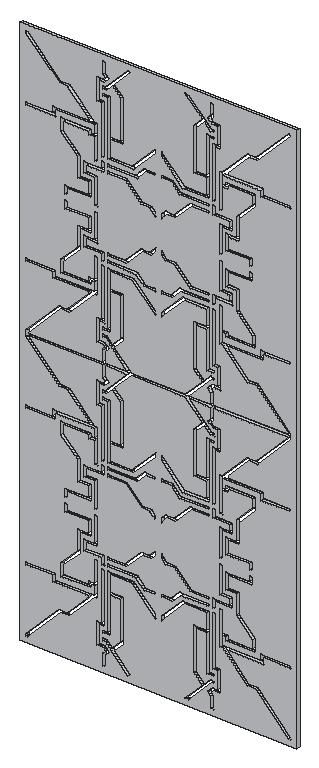
Revit family "DC Metro", category Generic Models, Revit 2016
Family settings
  Part Type = Normal
  Can host rebar = No
  Round Connector Dimension = Use Diameter
  Work Plane-Based = Yes
  Always vertical = No
  Cut with Voids When Loaded = No
  Shared = No
  Room Calculation Point = No
Parameters
  Default Elevation = 4' - 0"
Reference planes (in)
  plane 1 "Center (Front/Back)": y = 0
  plane 2: z = 0
  plane 3 "Center (Left/Right)": x = 0
Forms (in)
  Extrusion 1, solid
    sketch origin (248, 0, 0) x (1, 0, 0) y (0, 0, 1)
      loop
        line (-248, 96) -> (-248, 0) -> (-200, 0) -> (-200, 96) -> (-248, 96)
      loop
        line (-247, 94.99813) -> (-247, 94.65091) -> (-241.18629, 88.8372) -> (-239.6828, 88.8372) -> (-236.10145, 85.25585) -> (-236.10145, 84.97364) -> (-242.26939, 84.97364) -> (-242.26939, 83.97066) -> (-247, 83.97066) -> (-247, 83.47323) -> (-241.77196, 83.47323) -> (-241.77196, 84.47622) -> (-235.13432, 84.47622) -> (-235.13432, 83.10145) -> (-235.60087, 83.10145) -> (-235.60087, 83.65019) -> (-240.8896, 83.65019) -> (-240.8896, 81.54) -> (-238.05696, 78.70737) -> (-238.05696, 75.21608) -> (-236.17357, 75.21608) -> (-236.17357, 73.43061) -> (-240.29058, 73.43061) -> (-240.29058, 72.03545) -> (-239.78999, 72.03545) -> (-239.78999, 72.93002) -> (-235.67299, 72.93002) -> (-235.67299, 75.71666) -> (-237.55638, 75.71666) -> (-237.55638, 78.91471) -> (-240.38902, 81.74735) -> (-240.38902, 83.14961) -> (-236.10145, 83.14961) -> (-236.10145, 82.60211) -> (-235.13432, 82.60211) -> (-235.13432, 78.9373) -> (-234.57104, 78.9373) -> (-234.57104, 84.97364) -> (-235.11578, 84.97364) -> (-239.47676, 89.33463) -> (-240.98025, 89.33463) -> (-246.64355, 94.99792) -> (-247, 94.99813)
      loop
        line (-234.56591, 72.03545) -> (-234.56591, 76.85181) -> (-236.41308, 76.85181) -> (-236.41308, 77.72593) -> (-233.34112, 77.72593) -> (-233.34112, 79.31288) -> (-233.8417, 79.31288) -> (-233.8417, 78.27084) -> (-236.91367, 78.27084) -> (-236.91367, 76.35123) -> (-235.06649, 76.35123) -> (-235.06649, 72.03545) -> (-234.56591, 72.03545)
      loop
        line (-232.81105, 78.8123) -> (-227.67829, 78.8123) -> (-226.20733, 80.28326) -> (-224.49566, 80.28326) -> (-224.49566, 80.78384) -> (-226.41468, 80.78384) -> (-227.88564, 79.31288) -> (-232.81105, 79.31288) -> (-232.81105, 78.8123)
      loop
        line (-232.81105, 78.22651) -> (-232.81105, 77.72593) -> (-229.74947, 77.72593) -> (-226.98456, 74.96103) -> (-225.46854, 74.96103) -> (-224.49566, 73.98815) -> (-224.49566, 74.69608) -> (-225.26119, 75.46161) -> (-226.77721, 75.46161) -> (-229.54212, 78.22651) -> (-232.81105, 78.22651)
      loop
        line (-228.26476, 79.96458) -> (-224.49566, 83.73409) -> (-224.49566, 84.44161) -> (-228.47211, 80.46516) -> (-232.31047, 80.46516) -> (-232.31047, 83.10145) -> (-230.09214, 83.10145) -> (-230.09214, 90.47362) -> (-231.61057, 91.99205) -> (-228.59358, 95.00904) -> (-229.30193, 95.00862) -> (-233.24356, 91.06699) -> (-233.70789, 91.06699) -> (-233.70789, 90.5664) -> (-233.03622, 90.5664) -> (-231.96453, 91.63809) -> (-230.59272, 90.26628) -> (-230.59272, 83.60203) -> (-232.31047, 83.60203) -> (-232.31047, 89.95002) -> (-233.70789, 89.95002) -> (-233.70789, 89.44943) -> (-232.81105, 89.44943) -> (-232.81105, 79.96458) -> (-228.26476, 79.96458)
      loop
        line (-233.34112, 88.8465) -> (-234.27678, 88.8465) -> (-234.27678, 91.69994) -> (-233.31571, 91.69994) -> (-232.49386, 92.52179) -> (-233.11402, 93.14195) -> (-233.11402, 95.00607) -> (-233.6146, 95.00607) -> (-233.6146, 92.93461) -> (-233.20179, 92.52179) -> (-233.52306, 92.20053) -> (-234.77736, 92.20053) -> (-234.77736, 88.34592) -> (-233.8417, 88.34592) -> (-233.8417, 79.96458) -> (-233.34112, 79.96458) -> (-233.34112, 88.8465)
      loop
        line (-201, 94.99813) -> (-201.35645, 94.99792) -> (-207.01975, 89.33463) -> (-208.52324, 89.33463) -> (-212.88422, 84.97364) -> (-213.42896, 84.97364) -> (-213.42896, 78.9373) -> (-212.86568, 78.9373) -> (-212.86568, 82.60211) -> (-211.89855, 82.60211) -> (-211.89855, 83.14961) -> (-207.61098, 83.14961) -> (-207.61098, 81.74735) -> (-210.44362, 78.91471) -> (-210.44362, 75.71666) -> (-212.32701, 75.71666) -> (-212.32701, 72.93002) -> (-208.21001, 72.93002) -> (-208.21001, 72.03545) -> (-207.70942, 72.03545) -> (-207.70942, 73.43061) -> (-211.82643, 73.43061) -> (-211.82643, 75.21608) -> (-209.94304, 75.21608) -> (-209.94304, 78.70737) -> (-207.1104, 81.54) -> (-207.1104, 83.65019) -> (-212.39913, 83.65019) -> (-212.39913, 83.10145) -> (-212.86568, 83.10145) -> (-212.86568, 84.47622) -> (-206.22804, 84.47622) -> (-206.22804, 83.47323) -> (-201, 83.47323) -> (-201, 83.97066) -> (-205.73061, 83.97066) -> (-205.73061, 84.97364) -> (-211.89855, 84.97364) -> (-211.89855, 85.25585) -> (-208.3172, 88.8372) -> (-206.81371, 88.8372) -> (-201, 94.65091) -> (-201, 94.99813)
      loop
        line (-213.43409, 72.03545) -> (-212.93351, 72.03545) -> (-212.93351, 76.35123) -> (-211.08633, 76.35123) -> (-211.08633, 78.27084) -> (-214.1583, 78.27084) -> (-214.1583, 79.31288) -> (-214.65888, 79.31288) -> (-214.65888, 77.72593) -> (-211.58692, 77.72593) -> (-211.58692, 76.85181) -> (-213.43409, 76.85181) -> (-213.43409, 72.03545)
      loop
        line (-215.18895, 78.8123) -> (-215.18895, 79.31288) -> (-220.11436, 79.31288) -> (-221.58532, 80.78384) -> (-223.50434, 80.78384) -> (-223.50434, 80.28326) -> (-221.79267, 80.28326) -> (-220.32171, 78.8123) -> (-215.18895, 78.8123)
      loop
        line (-215.18895, 78.22651) -> (-218.45788, 78.22651) -> (-221.22279, 75.46161) -> (-222.73881, 75.46161) -> (-223.50434, 74.69608) -> (-223.50434, 73.98815) -> (-222.53146, 74.96103) -> (-221.01544, 74.96103) -> (-218.25053, 77.72593) -> (-215.18895, 77.72593) -> (-215.18895, 78.22651)
      loop
        line (-219.73524, 79.96458) -> (-215.18895, 79.96458) -> (-215.18895, 89.44943) -> (-214.29211, 89.44943) -> (-214.29211, 89.95002) -> (-215.68953, 89.95002) -> (-215.68953, 83.60203) -> (-217.40728, 83.60203) -> (-217.40728, 90.26628) -> (-216.03547, 91.63809) -> (-214.96378, 90.5664) -> (-214.29211, 90.5664) -> (-214.29211, 91.06699) -> (-214.75644, 91.06699) -> (-218.69807, 95.00862) -> (-219.40642, 95.00904) -> (-216.38943, 91.99205) -> (-217.90786, 90.47362) -> (-217.90786, 83.10145) -> (-215.68953, 83.10145) -> (-215.68953, 80.46516) -> (-219.52789, 80.46516) -> (-223.50434, 84.44161) -> (-223.50434, 83.73409) -> (-219.73524, 79.96458)
      loop
        line (-214.65888, 88.8465) -> (-214.65888, 79.96458) -> (-214.1583, 79.96458) -> (-214.1583, 88.34592) -> (-213.22264, 88.34592) -> (-213.22264, 92.20053) -> (-214.47694, 92.20053) -> (-214.79821, 92.52179) -> (-214.3854, 92.93461) -> (-214.3854, 95.00607) -> (-214.88598, 95.00607) -> (-214.88598, 93.14195) -> (-215.50614, 92.52179) -> (-214.68429, 91.69994) -> (-213.72322, 91.69994) -> (-213.72322, 88.8465) -> (-214.65888, 88.8465)
      loop
        line (-246.51862, 48.26817) -> (-240.98025, 53.80654) -> (-239.47676, 53.80654) -> (-235.11578, 58.16753) -> (-234.57104, 58.16753) -> (-234.57104, 64.20387) -> (-235.13432, 64.20387) -> (-235.13432, 60.53906) -> (-236.10145, 60.53906) -> (-236.10145, 59.99156) -> (-240.38902, 59.99156) -> (-240.38902, 61.39382) -> (-237.55638, 64.22646) -> (-237.55638, 67.42451) -> (-235.67299, 67.42451) -> (-235.67299, 70.21115) -> (-239.78999, 70.21115) -> (-239.78999, 71.10573) -> (-240.29058, 71.10573) -> (-240.29058, 69.71057) -> (-236.17357, 69.71057) -> (-236.17357, 67.9251) -> (-238.05696, 67.9251) -> (-238.05696, 64.43381) -> (-240.8896, 61.60117) -> (-240.8896, 59.49098) -> (-235.60087, 59.49098) -> (-235.60087, 60.03972) -> (-235.13432, 60.03972) -> (-235.13432, 58.66495) -> (-241.77196, 58.66495) -> (-241.77196, 59.66794) -> (-247, 59.66794) -> (-247, 59.17051) -> (-242.26939, 59.17051) -> (-242.26939, 58.16753) -> (-236.10145, 58.16753) -> (-236.10145, 57.88532) -> (-239.6828, 54.30397) -> (-241.18629, 54.30397) -> (-247, 48.49026) -> (-247, 47.50974) -> (-241.18629, 41.69603) -> (-239.6828, 41.69603) -> (-236.10145, 38.11468) -> (-236.10145, 37.83247) -> (-242.26939, 37.83247) -> (-242.26939, 36.82949) -> (-247, 36.82949) -> (-247, 36.33206) -> (-241.77196, 36.33206) -> (-241.77196, 37.33505) -> (-235.13432, 37.33505) -> (-235.13432, 35.96028) -> (-235.60087, 35.96028) -> (-235.60087, 36.50902) -> (-240.8896, 36.50902) -> (-240.8896, 34.39883) -> (-238.05696, 31.56619) -> (-238.05696, 28.0749) -> (-236.17357, 28.0749) -> (-236.17357, 26.28943) -> (-240.29058, 26.28943) -> (-240.29058, 24.89427) -> (-239.78999, 24.89427) -> (-239.78999, 25.78885) -> (-235.67299, 25.78885) -> (-235.67299, 28.57549) -> (-237.55638, 28.57549) -> (-237.55638, 31.77354) -> (-240.38902, 34.60618) -> (-240.38902, 36.00844) -> (-236.10145, 36.00844) -> (-236.10145, 35.46094) -> (-235.13432, 35.46094) -> (-235.13432, 31.79613) -> (-234.57104, 31.79613) -> (-234.57104, 37.83247) -> (-235.11578, 37.83247) -> (-239.47676, 42.19346) -> (-240.98025, 42.19346) -> (-246.51862, 47.73183) -> (-233.6146, 47.73183) -> (-233.6146, 45.79343) -> (-233.20179, 45.38062) -> (-233.52306, 45.05935) -> (-234.77736, 45.05935) -> (-234.77736, 41.20475) -> (-233.8417, 41.20475) -> (-233.8417, 32.82341) -> (-233.34112, 32.82341) -> (-233.34112, 41.70533) -> (-234.27678, 41.70533) -> (-234.27678, 44.55877) -> (-233.31571, 44.55877) -> (-232.49386, 45.38062) -> (-233.11402, 46.00078) -> (-233.11402, 47.73183) -> (-229.43755, 47.73183) -> (-233.24356, 43.92582) -> (-233.70789, 43.92582) -> (-233.70789, 43.42523) -> (-233.03622, 43.42523) -> (-231.96453, 44.49692) -> (-230.59272, 43.1251) -> (-230.59272, 36.46086) -> (-232.31047, 36.46086) -> (-232.31047, 42.80884) -> (-233.70789, 42.80884) -> (-233.70789, 42.30826) -> (-232.81105, 42.30826) -> (-232.81105, 32.82341) -> (-228.26476, 32.82341) -> (-224.49566, 36.59292) -> (-224.49566, 37.30044) -> (-228.47211, 33.32399) -> (-232.31047, 33.32399) -> (-232.31047, 35.96028) -> (-230.09214, 35.96028) -> (-230.09214, 43.33245) -> (-231.61057, 44.85088) -> (-228.72962, 47.73183) -> (-219.27038, 47.73183) -> (-216.38943, 44.85088) -> (-217.90786, 43.33245) -> (-217.90786, 35.96028) -> (-215.68953, 35.96028) -> (-215.68953, 33.32399) -> (-219.52789, 33.32399) -> (-223.50434, 37.30044) -> (-223.50434, 36.59292) -> (-219.73524, 32.82341) -> (-215.18895, 32.82341) -> (-215.18895, 42.30826) -> (-214.29211, 42.30826) -> (-214.29211, 42.80884) -> (-215.68953, 42.80884) -> (-215.68953, 36.46086) -> (-217.40728, 36.46086) -> (-217.40728, 43.1251) -> (-216.03547, 44.49692) -> (-214.96378, 43.42523) -> (-214.29211, 43.42523) -> (-214.29211, 43.92582) -> (-214.75644, 43.92582) -> (-218.56245, 47.73183) -> (-214.88598, 47.73183) -> (-214.88598, 46.00078) -> (-215.50614, 45.38062) -> (-214.68429, 44.55877) -> (-213.72322, 44.55877) -> (-213.72322, 41.70533) -> (-214.65888, 41.70533) -> (-214.65888, 32.82341) -> (-214.1583, 32.82341) -> (-214.1583, 41.20475) -> (-213.22264, 41.20475) -> (-213.22264, 45.05935) -> (-214.47694, 45.05935) -> (-214.79821, 45.38062) -> (-214.3854, 45.79343) -> (-214.3854, 47.73183) -> (-201.48138, 47.73183) -> (-207.01975, 42.19346) -> (-208.52324, 42.19346) -> (-212.88422, 37.83247) -> (-213.42896, 37.83247) -> (-213.42896, 31.79613) -> (-212.86568, 31.79613) -> (-212.86568, 35.46094) -> (-211.89855, 35.46094) -> (-211.89855, 36.00844) -> (-207.61098, 36.00844) -> (-207.61098, 34.60618) -> (-210.44362, 31.77354) -> (-210.44362, 28.57549) -> (-212.32701, 28.57549) -> (-212.32701, 25.78885) -> (-208.21001, 25.78885) -> (-208.21001, 24.89427) -> (-207.70942, 24.89427) -> (-207.70942, 26.28943) -> (-211.82643, 26.28943) -> (-211.82643, 28.0749) -> (-209.94304, 28.0749) -> (-209.94304, 31.56619) -> (-207.1104, 34.39883) -> (-207.1104, 36.50902) -> (-212.39913, 36.50902) -> (-212.39913, 35.96028) -> (-212.86568, 35.96028) -> (-212.86568, 37.33505) -> (-206.22804, 37.33505) -> (-206.22804, 36.33206) -> (-201, 36.33206) -> (-201, 36.82949) -> (-205.73061, 36.82949) -> (-205.73061, 37.83247) -> (-211.89855, 37.83247) -> (-211.89855, 38.11468) -> (-208.3172, 41.69603) -> (-206.81371, 41.69603) -> (-201, 47.50974) -> (-201, 48.49026) -> (-206.81371, 54.30397) -> (-208.3172, 54.30397) -> (-211.89855, 57.88532) -> (-211.89855, 58.16753) -> (-205.73061, 58.16753) -> (-205.73061, 59.17051) -> (-201, 59.17051) -> (-201, 59.66794) -> (-206.22804, 59.66794) -> (-206.22804, 58.66495) -> (-212.86568, 58.66495) -> (-212.86568, 60.03972) -> (-212.39913, 60.03972) -> (-212.39913, 59.49098) -> (-207.1104, 59.49098) -> (-207.1104, 61.60117) -> (-209.94304, 64.43381) -> (-209.94304, 67.9251) -> (-211.82643, 67.9251) -> (-211.82643, 69.71057) -> (-207.70942, 69.71057) -> (-207.70942, 71.10573) -> (-208.21001, 71.10573) -> (-208.21001, 70.21115) -> (-212.32701, 70.21115) -> (-212.32701, 67.42451) -> (-210.44362, 67.42451) -> (-210.44362, 64.22646) -> (-207.61098, 61.39382) -> (-207.61098, 59.99156) -> (-211.89855, 59.99156) -> (-211.89855, 60.53906) -> (-212.86568, 60.53906) -> (-212.86568, 64.20387) -> (-213.42896, 64.20387) -> (-213.42896, 58.16753) -> (-212.88422, 58.16753) -> (-208.52324, 53.80654) -> (-207.01975, 53.80654) -> (-201.48138, 48.26817) -> (-214.3854, 48.26817) -> (-214.3854, 50.20657) -> (-214.79821, 50.61938) -> (-214.47694, 50.94065) -> (-213.22264, 50.94065) -> (-213.22264, 54.79525) -> (-214.1583, 54.79525) -> (-214.1583, 63.17659) -> (-214.65888, 63.17659) -> (-214.65888, 54.29467) -> (-213.72322, 54.29467) -> (-213.72322, 51.44123) -> (-214.68429, 51.44123) -> (-215.50614, 50.61938) -> (-214.88598, 49.99922) -> (-214.88598, 48.26817) -> (-218.56245, 48.26817) -> (-214.75644, 52.07418) -> (-214.29211, 52.07418) -> (-214.29211, 52.57477) -> (-214.96378, 52.57477) -> (-216.03547, 51.50308) -> (-217.40728, 52.8749) -> (-217.40728, 59.53914) -> (-215.68953, 59.53914) -> (-215.68953, 53.19116) -> (-214.29211, 53.19116) -> (-214.29211, 53.69174) -> (-215.18895, 53.69174) -> (-215.18895, 63.17659) -> (-219.73524, 63.17659) -> (-223.50434, 59.40708) -> (-223.50434, 58.69956) -> (-219.52789, 62.67601) -> (-215.68953, 62.67601) -> (-215.68953, 60.03972) -> (-217.90786, 60.03972) -> (-217.90786, 52.66755) -> (-216.38943, 51.14912) -> (-219.27038, 48.26817) -> (-228.72962, 48.26817) -> (-231.61057, 51.14912) -> (-230.09214, 52.66755) -> (-230.09214, 60.03972) -> (-232.31047, 60.03972) -> (-232.31047, 62.67601) -> (-228.47211, 62.67601) -> (-224.49566, 58.69956) -> (-224.49566, 59.40708) -> (-228.26476, 63.17659) -> (-232.81105, 63.17659) -> (-232.81105, 53.69174) -> (-233.70789, 53.69174) -> (-233.70789, 53.19116) -> (-232.31047, 53.19116) -> (-232.31047, 59.53914) -> (-230.59272, 59.53914) -> (-230.59272, 52.8749) -> (-231.96453, 51.50308) -> (-233.03622, 52.57477) -> (-233.70789, 52.57477) -> (-233.70789, 52.07418) -> (-233.24356, 52.07418) -> (-229.43755, 48.26817) -> (-233.11402, 48.26817) -> (-233.11402, 49.99922) -> (-232.49386, 50.61938) -> (-233.31571, 51.44123) -> (-234.27678, 51.44123) -> (-234.27678, 54.29467) -> (-233.34112, 54.29467) -> (-233.34112, 63.17659) -> (-233.8417, 63.17659) -> (-233.8417, 54.79525) -> (-234.77736, 54.79525) -> (-234.77736, 50.94065) -> (-233.52306, 50.94065) -> (-233.20179, 50.61938) -> (-233.6146, 50.20657) -> (-233.6146, 48.26817) -> (-246.51862, 48.26817)
      loop
        line (-234.56591, 71.10573) -> (-235.06649, 71.10573) -> (-235.06649, 66.78994) -> (-236.91367, 66.78994) -> (-236.91367, 64.87033) -> (-233.8417, 64.87033) -> (-233.8417, 63.82829) -> (-233.34112, 63.82829) -> (-233.34112, 65.41524) -> (-236.41308, 65.41524) -> (-236.41308, 66.28936) -> (-234.56591, 66.28936) -> (-234.56591, 71.10573)
      loop
        line (-232.81105, 64.32887) -> (-232.81105, 63.82829) -> (-227.88564, 63.82829) -> (-226.41468, 62.35733) -> (-224.49566, 62.35733) -> (-224.49566, 62.85791) -> (-226.20733, 62.85791) -> (-227.67829, 64.32887) -> (-232.81105, 64.32887)
      loop
        line (-232.81105, 64.91466) -> (-229.54212, 64.91466) -> (-226.77721, 67.67956) -> (-225.26119, 67.67956) -> (-224.49566, 68.44509) -> (-224.49566, 69.15302) -> (-225.46854, 68.18014) -> (-226.98456, 68.18014) -> (-229.74947, 65.41524) -> (-232.81105, 65.41524) -> (-232.81105, 64.91466)
      loop
        line (-213.43409, 71.10573) -> (-213.43409, 66.28936) -> (-211.58692, 66.28936) -> (-211.58692, 65.41524) -> (-214.65888, 65.41524) -> (-214.65888, 63.82829) -> (-214.1583, 63.82829) -> (-214.1583, 64.87033) -> (-211.08633, 64.87033) -> (-211.08633, 66.78994) -> (-212.93351, 66.78994) -> (-212.93351, 71.10573) -> (-213.43409, 71.10573)
      loop
        line (-215.18895, 64.32887) -> (-220.32171, 64.32887) -> (-221.79267, 62.85791) -> (-223.50434, 62.85791) -> (-223.50434, 62.35733) -> (-221.58532, 62.35733) -> (-220.11436, 63.82829) -> (-215.18895, 63.82829) -> (-215.18895, 64.32887)
      loop
        line (-215.18895, 64.91466) -> (-215.18895, 65.41524) -> (-218.25053, 65.41524) -> (-221.01544, 68.18014) -> (-222.53146, 68.18014) -> (-223.50434, 69.15302) -> (-223.50434, 68.44509) -> (-222.73881, 67.67956) -> (-221.22279, 67.67956) -> (-218.45788, 64.91466) -> (-215.18895, 64.91466)
      loop
        line (-247, 1.00187) -> (-246.64355, 1.00208) -> (-240.98025, 6.66537) -> (-239.47676, 6.66537) -> (-235.11578, 11.02636) -> (-234.57104, 11.02636) -> (-234.57104, 17.0627) -> (-235.13432, 17.0627) -> (-235.13432, 13.39789) -> (-236.10145, 13.39789) -> (-236.10145, 12.85039) -> (-240.38902, 12.85039) -> (-240.38902, 14.25265) -> (-237.55638, 17.08529) -> (-237.55638, 20.28334) -> (-235.67299, 20.28334) -> (-235.67299, 23.06998) -> (-239.78999, 23.06998) -> (-239.78999, 23.96455) -> (-240.29058, 23.96455) -> (-240.29058, 22.56939) -> (-236.17357, 22.56939) -> (-236.17357, 20.78392) -> (-238.05696, 20.78392) -> (-238.05696, 17.29263) -> (-240.8896, 14.46) -> (-240.8896, 12.34981) -> (-235.60087, 12.34981) -> (-235.60087, 12.89855) -> (-235.13432, 12.89855) -> (-235.13432, 11.52378) -> (-241.77196, 11.52378) -> (-241.77196, 12.52677) -> (-247, 12.52677) -> (-247, 12.02934) -> (-242.26939, 12.02934) -> (-242.26939, 11.02636) -> (-236.10145, 11.02636) -> (-236.10145, 10.74415) -> (-239.6828, 7.1628) -> (-241.18629, 7.1628) -> (-247, 1.34909) -> (-247, 1.00187)
      loop
        line (-234.56591, 23.96455) -> (-235.06649, 23.96455) -> (-235.06649, 19.64877) -> (-236.91367, 19.64877) -> (-236.91367, 17.72916) -> (-233.8417, 17.72916) -> (-233.8417, 16.68712) -> (-233.34112, 16.68712) -> (-233.34112, 18.27407) -> (-236.41308, 18.27407) -> (-236.41308, 19.14819) -> (-234.56591, 19.14819) -> (-234.56591, 23.96455)
      loop
        line (-232.81105, 17.1877) -> (-232.81105, 16.68712) -> (-227.88564, 16.68712) -> (-226.41468, 15.21616) -> (-224.49566, 15.21616) -> (-224.49566, 15.71674) -> (-226.20733, 15.71674) -> (-227.67829, 17.1877) -> (-232.81105, 17.1877)
      loop
        line (-232.81105, 17.77349) -> (-229.54212, 17.77349) -> (-226.77721, 20.53839) -> (-225.26119, 20.53839) -> (-224.49566, 21.30392) -> (-224.49566, 22.01185) -> (-225.46854, 21.03897) -> (-226.98456, 21.03897) -> (-229.74947, 18.27407) -> (-232.81105, 18.27407) -> (-232.81105, 17.77349)
      loop
        line (-228.26476, 16.03542) -> (-232.81105, 16.03542) -> (-232.81105, 6.55057) -> (-233.70789, 6.55057) -> (-233.70789, 6.04998) -> (-232.31047, 6.04998) -> (-232.31047, 12.39797) -> (-230.59272, 12.39797) -> (-230.59272, 5.73372) -> (-231.96453, 4.36191) -> (-233.03622, 5.4336) -> (-233.70789, 5.4336) -> (-233.70789, 4.93301) -> (-233.24356, 4.93301) -> (-229.30193, 0.99138) -> (-228.59358, 0.99096) -> (-231.61057, 4.00795) -> (-230.09214, 5.52638) -> (-230.09214, 12.89855) -> (-232.31047, 12.89855) -> (-232.31047, 15.53484) -> (-228.47211, 15.53484) -> (-224.49566, 11.55839) -> (-224.49566, 12.26591) -> (-228.26476, 16.03542)
      loop
        line (-233.34112, 7.1535) -> (-233.34112, 16.03542) -> (-233.8417, 16.03542) -> (-233.8417, 7.65408) -> (-234.77736, 7.65408) -> (-234.77736, 3.79947) -> (-233.52306, 3.79947) -> (-233.20179, 3.47821) -> (-233.6146, 3.06539) -> (-233.6146, 0.99393) -> (-233.11402, 0.99393) -> (-233.11402, 2.85805) -> (-232.49386, 3.47821) -> (-233.31571, 4.30006) -> (-234.27678, 4.30006) -> (-234.27678, 7.1535) -> (-233.34112, 7.1535)
      loop
        line (-201, 1.00187) -> (-201, 1.34909) -> (-206.81371, 7.1628) -> (-208.3172, 7.1628) -> (-211.89855, 10.74415) -> (-211.89855, 11.02636) -> (-205.73061, 11.02636) -> (-205.73061, 12.02934) -> (-201, 12.02934) -> (-201, 12.52677) -> (-206.22804, 12.52677) -> (-206.22804, 11.52378) -> (-212.86568, 11.52378) -> (-212.86568, 12.89855) -> (-212.39913, 12.89855) -> (-212.39913, 12.34981) -> (-207.1104, 12.34981) -> (-207.1104, 14.46) -> (-209.94304, 17.29263) -> (-209.94304, 20.78392) -> (-211.82643, 20.78392) -> (-211.82643, 22.56939) -> (-207.70942, 22.56939) -> (-207.70942, 23.96455) -> (-208.21001, 23.96455) -> (-208.21001, 23.06998) -> (-212.32701, 23.06998) -> (-212.32701, 20.28334) -> (-210.44362, 20.28334) -> (-210.44362, 17.08529) -> (-207.61098, 14.25265) -> (-207.61098, 12.85039) -> (-211.89855, 12.85039) -> (-211.89855, 13.39789) -> (-212.86568, 13.39789) -> (-212.86568, 17.0627) -> (-213.42896, 17.0627) -> (-213.42896, 11.02636) -> (-212.88422, 11.02636) -> (-208.52324, 6.66537) -> (-207.01975, 6.66537) -> (-201.35645, 1.00208) -> (-201, 1.00187)
      loop
        line (-213.43409, 23.96455) -> (-213.43409, 19.14819) -> (-211.58692, 19.14819) -> (-211.58692, 18.27407) -> (-214.65888, 18.27407) -> (-214.65888, 16.68712) -> (-214.1583, 16.68712) -> (-214.1583, 17.72916) -> (-211.08633, 17.72916) -> (-211.08633, 19.64877) -> (-212.93351, 19.64877) -> (-212.93351, 23.96455) -> (-213.43409, 23.96455)
      loop
        line (-215.18895, 17.1877) -> (-220.32171, 17.1877) -> (-221.79267, 15.71674) -> (-223.50434, 15.71674) -> (-223.50434, 15.21616) -> (-221.58532, 15.21616) -> (-220.11436, 16.68712) -> (-215.18895, 16.68712) -> (-215.18895, 17.1877)
      loop
        line (-215.18895, 17.77349) -> (-215.18895, 18.27407) -> (-218.25053, 18.27407) -> (-221.01544, 21.03897) -> (-222.53146, 21.03897) -> (-223.50434, 22.01185) -> (-223.50434, 21.30392) -> (-222.73881, 20.53839) -> (-221.22279, 20.53839) -> (-218.45788, 17.77349) -> (-215.18895, 17.77349)
      loop
        line (-219.73524, 16.03542) -> (-223.50434, 12.26591) -> (-223.50434, 11.55839) -> (-219.52789, 15.53484) -> (-215.68953, 15.53484) -> (-215.68953, 12.89855) -> (-217.90786, 12.89855) -> (-217.90786, 5.52638) -> (-216.38943, 4.00795) -> (-219.40642, 0.99096) -> (-218.69807, 0.99138) -> (-214.75644, 4.93301) -> (-214.29211, 4.93301) -> (-214.29211, 5.4336) -> (-214.96378, 5.4336) -> (-216.03547, 4.36191) -> (-217.40728, 5.73372) -> (-217.40728, 12.39797) -> (-215.68953, 12.39797) -> (-215.68953, 6.04998) -> (-214.29211, 6.04998) -> (-214.29211, 6.55057) -> (-215.18895, 6.55057) -> (-215.18895, 16.03542) -> (-219.73524, 16.03542)
      loop
        line (-214.65888, 7.1535) -> (-213.72322, 7.1535) -> (-213.72322, 4.30006) -> (-214.68429, 4.30006) -> (-215.50614, 3.47821) -> (-214.88598, 2.85805) -> (-214.88598, 0.99393) -> (-214.3854, 0.99393) -> (-214.3854, 3.06539) -> (-214.79821, 3.47821) -> (-214.47694, 3.79947) -> (-213.22264, 3.79947) -> (-213.22264, 7.65408) -> (-214.1583, 7.65408) -> (-214.1583, 16.03542) -> (-214.65888, 16.03542) -> (-214.65888, 7.1535)
      loop
        line (-234.56591, 24.89427) -> (-234.56591, 29.71064) -> (-236.41308, 29.71064) -> (-236.41308, 30.58476) -> (-233.34112, 30.58476) -> (-233.34112, 32.17171) -> (-233.8417, 32.17171) -> (-233.8417, 31.12967) -> (-236.91367, 31.12967) -> (-236.91367, 29.21006) -> (-235.06649, 29.21006) -> (-235.06649, 24.89427) -> (-234.56591, 24.89427)
      loop
        line (-232.81105, 31.67113) -> (-227.67829, 31.67113) -> (-226.20733, 33.14209) -> (-224.49566, 33.14209) -> (-224.49566, 33.64267) -> (-226.41468, 33.64267) -> (-227.88564, 32.17171) -> (-232.81105, 32.17171) -> (-232.81105, 31.67113)
      loop
        line (-232.81105, 31.08534) -> (-232.81105, 30.58476) -> (-229.74947, 30.58476) -> (-226.98456, 27.81986) -> (-225.46854, 27.81986) -> (-224.49566, 26.84698) -> (-224.49566, 27.55491) -> (-225.26119, 28.32044) -> (-226.77721, 28.32044) -> (-229.54212, 31.08534) -> (-232.81105, 31.08534)
      loop
        line (-213.43409, 24.89427) -> (-212.93351, 24.89427) -> (-212.93351, 29.21006) -> (-211.08633, 29.21006) -> (-211.08633, 31.12967) -> (-214.1583, 31.12967) -> (-214.1583, 32.17171) -> (-214.65888, 32.17171) -> (-214.65888, 30.58476) -> (-211.58692, 30.58476) -> (-211.58692, 29.71064) -> (-213.43409, 29.71064) -> (-213.43409, 24.89427)
      loop
        line (-215.18895, 31.67113) -> (-215.18895, 32.17171) -> (-220.11436, 32.17171) -> (-221.58532, 33.64267) -> (-223.50434, 33.64267) -> (-223.50434, 33.14209) -> (-221.79267, 33.14209) -> (-220.32171, 31.67113) -> (-215.18895, 31.67113)
      loop
        line (-215.18895, 31.08534) -> (-218.45788, 31.08534) -> (-221.22279, 28.32044) -> (-222.73881, 28.32044) -> (-223.50434, 27.55491) -> (-223.50434, 26.84698) -> (-222.53146, 27.81986) -> (-221.01544, 27.81986) -> (-218.25053, 30.58476) -> (-215.18895, 30.58476) -> (-215.18895, 31.08534)
    from 0 to 0.5
Dimensions and locks (in)
  aligned and locked: plane 2 to level
